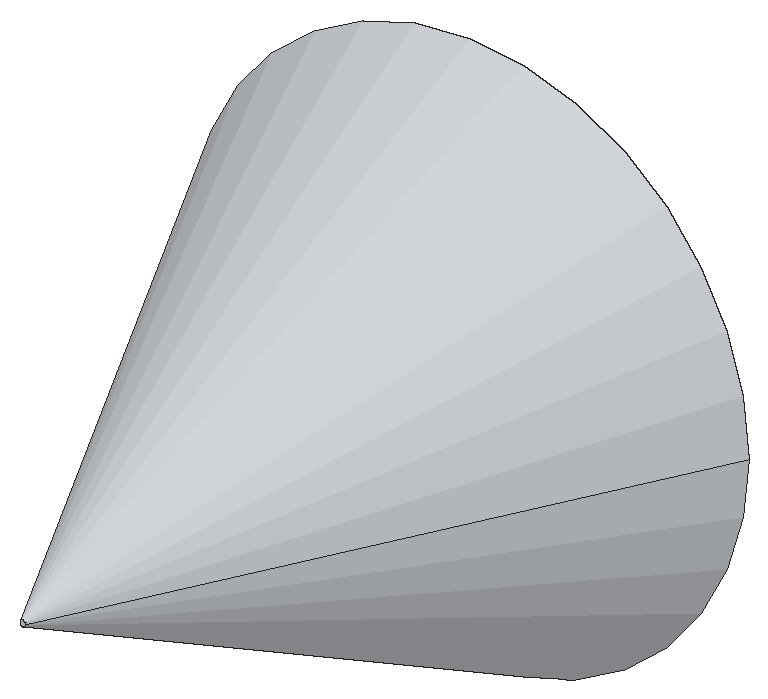
Revit family "Routing Connector In Point2019", category 一般モデル, Revit 2020
Family settings
  鉄筋をホスト可能 = いいえ
  丸型コネクタ寸法 = 直径を使用
  パーツ タイプ = 標準
  作業面ベース = いいえ
  常に垂直 = はい
  ロード時にボイドで切り取り = いいえ
  共有 = いいえ
  部屋計算ポイント = いいえ
Parameters
  直径2 = 1 mm
  直径 [instance] = 100 mm
  既定の高さ = 0 mm
Reference planes
  plane 1 "中心(正面/背面)": y = 0
  plane 2: z = 0
  plane 3 "中心(左/右)": x = 0
Forms (mm)
  Blend 1, solid
    base sketch origin (0, 0, 0) x (1, 0, 0) y (0, 0, 1)
      loop
        circle (0, 0) r 50
    top sketch origin (0, 0, 0) x (1, 0, 0) y (0, 0, 1)
      loop
        circle (0, 0) r 0.5
    from -100 to 0
Dimensions and locks
  "直径": diameter of Blend 1 sketch curve
  "直径2": diameter of Blend 1 sketch curve
  aligned and locked: level to plane 2
Automatic sketch dimensions
  Blend 1 sketch curve to level = 0 mm  (x2)
  Blend 1 sketch curve to plane 3 "中心(左/右)" = 0 mm  (x2)
